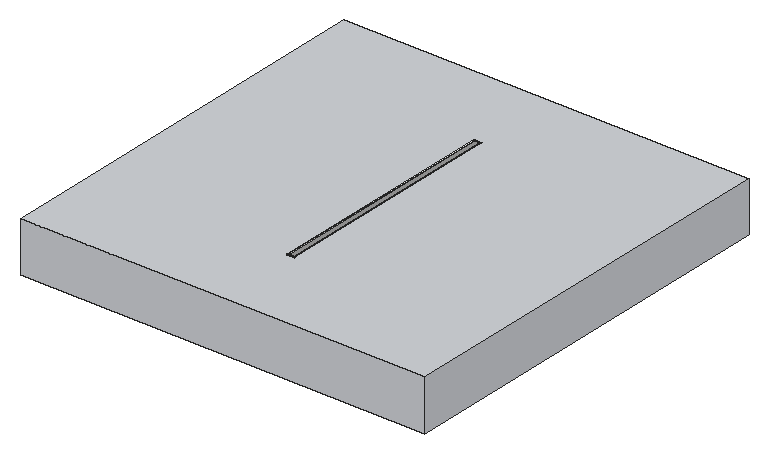
Revit family "LAMP_FIL 35 1400MM OPAL COMFORT RECESSED", category Luminarias, Revit 2018
Family settings
  Anfitrión = Cara
  Cota de conector redondo = Diámetro de uso
  Tipo de pieza = Normal
  Corte con vacíos al cargar = No
  Origen de luz = Sí
  Compartido = No
  Punto de cálculo de habitación = No
Parameters (values of type "1390LM 3000K  BLACK")
  Ángulo de inclinación = -90.00°
  Weight = 3.35 kg
  Wattage = 14.4 W
  Type = "MID POWER TRIDONIC"
  built-in parameter 1150107 = 3000 (stored number, unit not read)
  Recessed dimensions = "1408x42x0"
  built-in parameter 1150110 = 1 (stored number, unit not read)
  built-in parameter 1150109 = 1 (stored number, unit not read)
  built-in parameter 1150112 = 1 (stored number, unit not read)
  built-in parameter 1150113 = 1 (stored number, unit not read)
  built-in parameter 1114218 = 1 (stored number, unit not read)
  Protection rating = "IP20 / IK07"
  Product datasheet = "http://www.lamp.es/product-files/TECH/F31RE140LOOC830NB-EN.pdf"
  Product code = "F31RE140LOOC830NB"
  Product URL = "https://www.lamp.es/en/family/fil-35_413911"
  Power Supply = "220-240V 50/60Hz"
  Power = 14 W
  Plum = 14.4 W
  Photobiological risk = ""
  NOT COVER 2 [instance] = not(END COVER 2)  # no
  NOT COVER 1 [instance] = not(END COVER 1)  # no
  built-in parameter 1150137 = (empty or 0)
  built-in parameter 1150132 = 2
  Modelo = Product code  # "F31RE140LOOC830NB"
  Model Explanation = ""
  Material suspension = LAMP_Acero genérico
  Material perfil = LAMP_Aluminio Perfil Fil NG
  Material difusor = LAMP_PC Difusor Opal Fil
  Manufacturer name = "LAMP"
  Manufacturer country = "Spain"
  Manufacturer URL = "http://www.lamp.es/en"
  MacAdam = "3"
  Longitud de línea de emisión = 1400 mm
  Last update = "05/05/2021"
  Lamp = "MID-POWER LED"
  LED Lifetime = "50.000 L90 B10"
  built-in parameter 1150105 = 549.1 (stored number, unit not read)
  built-in parameter 1150102 = (empty or 0)
  Insulation class = "I"
  Installation instructions = "https://www.lamp.es/product-files/INS/1004590-A%20INSTR.%20FIL35.pdf"
  built-in parameter 1150106 = 5.491 (stored number, unit not read)
  IEE = "A+"
  Gear = "Electronic"
  Lumens = 1389.6 lm
  Finish = "Matte black RAL 9011"
  Color Filter = 16777215
  built-in parameter 1114217 = 1 (stored number, unit not read)
  built-in parameter 1150139 = (empty or 0)
  Fabricante = Manufacturer name  # "LAMP"
  Default Elevation = 1219.2 mm
  built-in parameter 1150104 = 8.9651 (stored number, unit not read)
  Efficacy = 96.5 lm/W
  END COVER 2 [instance] = yes
  END COVER 1 [instance] = yes
  Dimensions = "1400x45x76"
  Descripción = "FIL35 REC 1400 2000 WW OP COMF BK."
  built-in parameter 1150115 = 1 (stored number, unit not read)
  built-in parameter 1150114 = 1 (stored number, unit not read)
  built-in parameter 1150138 = (empty or 0)
  built-in parameter 1150134 = 3
  Dimming Lamp Color Temperature Shift = (empty or 0)
  CRI = "80"
  Archivo de red fotométrica = "F31RE140LOOC830NB.IES"
  built-in parameter 1150133 = 10 (stored number, unit not read)
Types (12, lengths in mm): name | built-in parameter 1150107 | Product datasheet | Product code | Modelo | Material perfil | Finish | Descripción | Archivo de red fotométrica
  1390LM 3000K DALI BLACK | 3000 (stored number, unit not read) | "http://www.lamp.es/product-files/TECH/F31RE140LOOC830DB-EN.pdf" | "F31RE140LOOC830DB" | "F31RE140LOOC830DB" | LAMP_Aluminio Perfil Fil NG | "Matte black RAL 9011" | "FIL35 REC 1400 2000 WW OP COMF DALI BK." | "F31RE140LOOC830nB.IES"
  1390LM 3000K DALI GREY | 3000 (stored number, unit not read) | "http://www.lamp.es/product-files/TECH/F31RE140LOOC830DG-EN.pdf" | "F31RE140LOOC830DG" | "F31RE140LOOC830DG" | LAMP_Aluminio Perfil Fil GR | "Gloss grey" | "FIL35 REC 1400 2000 WW OP COMF DALI GR." | "F31RE140LOOC830nG.IES"
  1390LM 3000K DALI WHITE | 3000 (stored number, unit not read) | "http://www.lamp.es/product-files/TECH/F31RE140LOOC830DW-EN.pdf" | "F31RE140LOOC830DW" | "F31RE140LOOC830DW" | LAMP_Aluminio Perfil Fil BL | "Matte white RAL 9010" | "FIL35 REC 1400 2000 WW OP COMF DALI WH." | "F31RE140LOOC830nW.IES"
  1390LM 3000K  BLACK | 3000 (stored number, unit not read) | "http://www.lamp.es/product-files/TECH/F31RE140LOOC830NB-EN.pdf" | "F31RE140LOOC830NB" | "F31RE140LOOC830NB" | LAMP_Aluminio Perfil Fil NG | "Matte black RAL 9011" | "FIL35 REC 1400 2000 WW OP COMF BK." | "F31RE140LOOC830NB.IES"
  1390LM 3000K  GREY | 3000 (stored number, unit not read) | "http://www.lamp.es/product-files/TECH/F31RE140LOOC830NG-EN.pdf" | "F31RE140LOOC830NG" | "F31RE140LOOC830NG" | LAMP_Aluminio Perfil Fil GR | "Gloss grey" | "FIL35 REC 1400 2000 WW OP COMF GR." | "F31RE140LOOC830NG.IES"
  1390LM 3000K  WHITE | 3000 (stored number, unit not read) | "http://www.lamp.es/product-files/TECH/F31RE140LOOC830NW-EN.pdf" | "F31RE140LOOC830NW" | "F31RE140LOOC830NW" | LAMP_Aluminio Perfil Fil BL | "Matte white RAL 9010" | "FIL35 REC 1400 2000 WW OP COMF WH." | "F31RE140LOOC830NW.IES"
  1390LM 4000K DALI BLACK | 4000 (stored number, unit not read) | "http://www.lamp.es/product-files/TECH/F31RE140LOOC840DB-EN.pdf" | "F31RE140LOOC840DB" | "F31RE140LOOC840DB" | LAMP_Aluminio Perfil Fil NG | "Matte black RAL 9011" | "FIL35 REC 1400 2000 NW OP COMF DALI BK." | "F31RE140LOOC840nB.IES"
  1390LM 4000K DALI GREY | 4000 (stored number, unit not read) | "http://www.lamp.es/product-files/TECH/F31RE140LOOC840DG-EN.pdf" | "F31RE140LOOC840DG" | "F31RE140LOOC840DG" | LAMP_Aluminio Perfil Fil GR | "Gloss grey" | "FIL35 REC 1400 2000 NW OP COMF DALI GR." | "F31RE140LOOC840nG.IES"
  1390LM 4000K DALI WHITE | 4000 (stored number, unit not read) | "http://www.lamp.es/product-files/TECH/F31RE140LOOC840DW-EN.pdf" | "F31RE140LOOC840DW" | "F31RE140LOOC840DW" | LAMP_Aluminio Perfil Fil BL | "Matte white RAL 9010" | "FIL35 REC 1400 2000 NW OP COMF DALI WH." | "F31RE140LOOC840nW.IES"
  1390LM 4000K  BLACK | 4000 (stored number, unit not read) | "http://www.lamp.es/product-files/TECH/F31RE140LOOC840NB-EN.pdf" | "F31RE140LOOC840NB" | "F31RE140LOOC840NB" | LAMP_Aluminio Perfil Fil NG | "Matte black RAL 9011" | "FIL35 REC 1400 2000 NW OP COMF BK." | "F31RE140LOOC840NB.IES"
  1390LM 4000K  GREY | 4000 (stored number, unit not read) | "http://www.lamp.es/product-files/TECH/F31RE140LOOC840NG-EN.pdf" | "F31RE140LOOC840NG" | "F31RE140LOOC840NG" | LAMP_Aluminio Perfil Fil GR | "Gloss grey" | "FIL35 REC 1400 2000 NW OP COMF GR." | "F31RE140LOOC840NG.IES"
  1390LM 4000K  WHITE | 4000 (stored number, unit not read) | "http://www.lamp.es/product-files/TECH/F31RE140LOOC840NW-EN.pdf" | "F31RE140LOOC840NW" | "F31RE140LOOC840NW" | LAMP_Aluminio Perfil Fil BL | "Matte white RAL 9010" | "FIL35 REC 1400 2000 NW OP COMF WH." | "F31RE140LOOC840NW.IES"
Reference planes
  plane 1 "Centro (Frontal/Posterior)": y = 0
  plane 2: z = 0
  plane 3 "Centro (Izquierda/Derecha)": x = 0
Forms (mm)
  Extrusion 1, solid
    sketch origin (0, 0, 0) x (1, 0, 0) y (0, 1, 0)
      loop
        line (-1219.2, 1219.2) -> (-1219.2, -1219.2) -> (1219.2, -1219.2) -> (1219.2, 1219.2) -> (-1219.2, 1219.2)
    from 0 to -304.8
  Extrusion 2, solid, material "LAMP_Aluminio Perfil Fil NG" <- "Material perfil"
    sketch origin (0, 0, -281.8) x (1, 0, 0) y (0, 0, 1)
      loop
        line (-17.5, 281.8) -> (-17.5, 207) -> (0, 207) -> (17.5, 207) -> (17.5, 281.8) -> (22.5, 281.8) -> (22.5, 283) -> (16.5, 283) -> (16.5, 259) -> (0, 259) -> (-16.5, 259) -> (-16.5, 283) -> (-22.5, 283) -> (-22.5, 281.8) -> (-17.5, 281.8)
    from -700 to 700
  Extrusion 3, solid, material "LAMP_PC Difusor Opal Fil" <- "Material difusor"
    sketch origin (0, 0, -281.8) x (1, 0, 0) y (0, 0, 1)
      loop
        line (-16.5, 283) -> (-16.5, 281.8) -> (16.5, 281.8) -> (16.5, 283) -> (-16.5, 283)
    from -700 to 700
Text (mm)
  text "Any modification of the parameters and properties of the LAMP BIM models must be executed and validated by the LAMP technical department.\nPhone: +34 93 736 68 00\nE-mail: lamp@lamp.es\n\nLAMP reserves the right to modify the technical specifications of its products." at (3099.4, 5332.453, -2854.88), in view "Preview"
Dimensions and locks
  aligned and locked: plane 2 to Extrusion 1
  aligned and locked: level to Extrusion 1
Nested families
  nested 1: "LAMP_FIL 35 END COVER RECESSED" at (0, -701, -74.8), visible <- "END COVER 1", type "LAMP_FIL 35 END COVER RECESSED"
  nested 2: "LAMP_FIL 35 END COVER RECESSED" at (0, 701, -74.8) x (-1, 0, 0) z (0, 0, 1), visible <- "END COVER 2", type "LAMP_FIL 35 END COVER RECESSED"
Connectors
  electrical at (0, 0, -75.3)
    settings: on Extrusion 2, index 1, voltage 230 V, apparent load 0 VA, apparent load phase1 0 VA, apparent load phase2 0 VA, apparent load phase3 0 VA, power factor 1, load classification "Otro", number of poles 1, system type 31, power factor state 1, is connector primary yes, connector utility no, sub classification motor no, connector description ""
Definition of nested family "LAMP_FIL 35 END COVER RECESSED"
  Parameters (values of type "LAMP_FIL 35 END COVER RECESSED")
    Material tapa = none
  Reference planes
    plane 1 "Centro (Frontal/Posterior)": y = 0
    plane 2: z = 0
    plane 3 "Centro (Izquierda/Derecha)": x = 0
  Forms (mm)
    Extrusion 1, solid, material <- "Material tapa"
      sketch origin (0, 0, 76.8) x (0, -1, 0) y (0, 0, -1)
        loop
          line (1, 76.8) -> (-1, 76.8) -> (-1, 0.8) -> (5, 0.8) -> (5, 2) -> (1, 2) -> (1, 76.8)
      from -22.5 to 22.5
    Extrusion 2, void
      sketch origin (-5.1, 0, 0) x (1, 0, 0) y (0, 0, 1)
        loop
          line (22.6, 74.8) -> (22.6, 0) -> (27.6, 0) -> (27.6, 74.8) -> (22.6, 74.8)
      from -23.5 to 23.5
    Extrusion 3, void
      sketch origin (5.1, 0, 0) x (1, 0, 0) y (0, 0, 1)
        loop
          line (-22.6, 74.8) -> (-27.6, 74.8) -> (-27.6, 0) -> (-22.6, 0) -> (-22.6, 74.8)
      from -23.5 to 23.5
  Cuts and joins
    Extrusion 2, Extrusion 3 cuts Extrusion 1
  Dimensions and locks
    aligned and locked: level to plane 2
